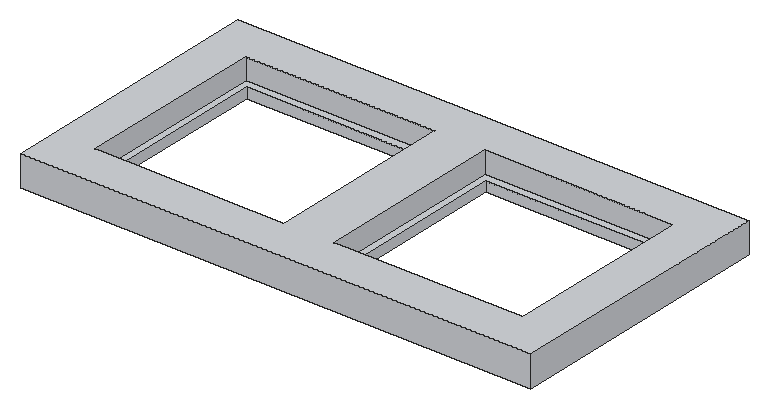
Revit family "Gira_021225", category Electrical Fixtures, host Face, Revit 2017
Family settings
  Host = Face
  Maintain Annotation Orientation = No
  Round Connector Dimension = Use Diameter
  Part Type = Normal
  Cut with Voids When Loaded = No
  Shared = No
  Room Calculation Point = No
Parameters (values of type "Cov.fr. 2-g Gira E2 c.alum.")
  With mounting grid = "No"
  With hinged lid = "No"
  URL = "http://katalog.gira.de/en/datenblatt.html?artikelnr=021225"
  Type of fastening = "Clamp mounting"
  Transparent = "No"
  Surface protection = "Other"
  Suitable for wall duct = "No"
  Suitable for flush-mounted installation = "Yes"
  Suitable for floor box = "No"
  Suitable for built-in installation = "No"
  Number of units vertical = "2"
  Number of units horizontal = "2"
  Number of units = "2"
  Name = "Cov.fr. 2-g Gira E2 c.alum."
  Mounting direction = "Horizontal and vertical"
  Material quality = "Thermoplastic"
  Material = "Plastic"
  Manufacturer URL = "https://www.gira.de/"
  Manufacturer = "Gira"
  Label space/information surface = "No"
  Keynote = ""
  HeinzeBIM = "https://bimportal.heinze.de/bim/cov-fr-2-g-gira-e2-c-alum-/46656b9549b2419150eaa97912848d088ae158aa"
  Halogen free = "Yes"
  HAN = "021225"
  GTIN = "4010337212256"
  Description = "Cov.fr.2g E2 CAl,Gira E2 cover frame,colour aluminium,2-gang,Features:,- Shatter-proof.,,Notes :,- Also suitable for duct installation.,- In connection with the seal kit, frame (1-gang to 5-gang) is also suitable for installation as water-protected flush-mounted IP44."
  Degree of protection (IP) = "IP20"
  Default Elevation = 1219.2 mm
  Data sheet (1) = "https://katalog.gira.de/en/download.html?artikelnr=021225"
  Colour = "Aluminium"
  Category = "Cover frame for domestic switching devices"
  BIM (1) = "https://media.stage.bim.site/public/gira/36a6b08/E2_Rahmen_2fach.rfa"
  Available = "No"
Reference planes
  plane 1 "Center (Front/Back)": y = 0
  plane 2: z = 0
  plane 3 "Center (Left/Right)": x = 0
Forms (mm)
  Extrusion 1, solid, detail levels fine
    sketch origin (0, 0, 0) x (1, 0, 0) y (0, 1, 0)
      loop
        line (75.95, 40.4) -> (-75.95, 40.4) -> (-75.95, -40.4) -> (75.95, -40.4) -> (75.95, 40.4)
      loop
        line (-63.702, 28.152) -> (-63.702, -28.152) -> (-7.398, -28.152) -> (-7.398, 28.152) -> (-63.702, 28.152)
      loop
        line (7.398, 28.152) -> (7.398, -28.152) -> (63.702, -28.152) -> (63.702, 28.152) -> (7.398, 28.152)
    from 0 to 9.3
  Extrusion 2, solid, detail levels fine
    sketch origin (-35.55, 0, 0) x (1, 0, 0) y (0, 1, 0)
      loop
        line (-28.152, -28.152) -> (28.152, -28.152) -> (28.152, 28.152) -> (-28.152, 28.152) -> (-28.152, -28.152)
      loop
        line (25.9, -25.7) -> (25.9, 25.7) -> (-25.9, 25.7) -> (-25.9, -25.7) -> (25.9, -25.7)
    from 0 to 3
  Extrusion 3, solid, detail levels coarse+medium
    sketch origin (0, 0, 0) x (1, 0, 0) y (0, 1, 0)
      loop
        line (75.95, 40.4) -> (-75.95, 40.4) -> (-75.95, -40.4) -> (75.95, -40.4) -> (75.95, 40.4)
    from 0 to 9.3
  Extrusion 4, solid, detail levels fine
    sketch origin (35.55, -0.047, 0) x (1, 0, 0) y (0, 1, 0)
      loop
        line (-28.152, -28.106) -> (28.152, -28.106) -> (28.152, 28.199) -> (-28.152, 28.199) -> (-28.152, -28.106)
      loop
        line (25.9, -25.653) -> (25.9, 25.747) -> (-25.9, 25.747) -> (-25.9, -25.653) -> (25.9, -25.653)
    from 0 to 3
Dimensions and locks
  aligned and locked: plane 2 to host face
  aligned and locked: level to host face
